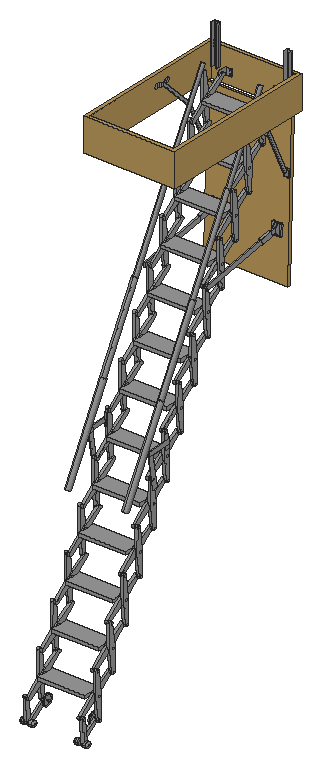
Revit family "schaartrap_Large-H 700x1200 mm", category Generic Models, Revit 2019 (continued)
Forms (mm)
  Extrusion 38, solid, material "gietaluminium" <- "schaartrap"
    sketch origin (-183, -691.803, -482.845) x (0, 1, 0) y (0, 0, 1)
      loop
        circle (1879.85, 2739.046) r 5.05
      loop
        circle (1730.144, 2811.072) r 5.05
      loop
        circle (1869.302, 2908.719) r 5.05
      loop
        circle (2008.461, 3006.365) r 5.05
      loop
        circle (1858.755, 3078.391) r 5.25
      loop
        circle (1997.913, 3176.038) r 5.05
      loop
        circle (2137.072, 3273.685) r 5.05
      loop
        circle (1987.366, 3345.71) r 5.05
      loop
        circle (2126.524, 3443.357) r 5.05
      loop
        circle (2265.683, 3541.004) r 5.05
      loop
        circle (2115.977, 3613.03) r 5.05
      loop
        circle (2255.135, 3710.677) r 5.05
      loop
        circle (2244.588, 3880.349) r 5.05
      loop
        circle (2383.746, 3977.996) r 5.05
      loop
        circle (2394.294, 3808.323) r 5.05
    from 406 to 411
  Extrusion 39, solid, material "gietaluminium" <- "schaartrap"
    sketch origin (-190, 1087.327, -29.39) x (0, 1, 0) y (0, 0, 1)
      loop
        arc (-952.335, 115.163) -> (-889.836, 135.606) -> (-930.932, 186.941) r 40
        arc (-930.932, 186.941) -> (-966.5, 158.467) -> (-952.335, 115.163) r 40
      loop
        arc (-949.488, 116.796) -> (-892.75, 136.334) -> (-929.173, 184.023) r 37
        arc (-929.173, 184.023) -> (-963.586, 157.739) -> (-949.488, 116.796) r 37
    from 359 to 370
  Extrusion 40, solid, material "gietaluminium" <- "schaartrap"
    sketch origin (0, 1087.327, -29.39) x (0, 1, 0) y (0, 0, 1)
      loop
        arc (-929.173, 184.023) -> (-963.586, 157.739) -> (-949.488, 116.796) r 37
        arc (-949.488, 116.796) -> (-892.75, 136.334) -> (-929.173, 184.023) r 37
    from 173 to 176.5
  Extrusion 41, solid, material "gietaluminium" <- "schaartrap"
    sketch origin (518, 1087.327, -29.39) x (0, 1, 0) y (0, 0, -1)
      loop
        circle (-928.168, -147.037) r 5
    from 359 to 335
  Extrusion 42, solid, material "gietaluminium" <- "schaartrap"
    sketch origin (0, 1193.91, 1113.18) x (0, 0.992015, 0.126122) y (0, -0.126122, 0.992015)
      loop
        line (811.965, 1490.549) -> (810.511, 1520.514) -> (144.506, 1488.184) -> (145.96, 1458.219) -> (811.965, 1490.549)
      loop
        circle (160.215, 1473.929) r 5.25
      loop
        circle (180.192, 1474.899) r 5.25
      loop
        circle (200.168, 1475.868) r 5.25
    from 223 to 238
  Extrusion 43, solid, material "gietaluminium" <- "schaartrap"
    sketch origin (0, 1368.627, 1185.548) x (0, 0.992015, 0.126122) y (0, -0.126122, 0.992015)
      loop
        line (572.416, 1435.52) -> (570.719, 1470.479) -> (480.825, 1466.115) -> (482.522, 1431.157) -> (572.416, 1435.52)
    from 220 to 241
  Extrusion 44, solid, material "gietaluminium" <- "schaartrap"
    sketch origin (0, 1230.524, 378.156) x (0, 0.990268, 0.139173) y (0, -0.139173, 0.990268)
      loop
        line (909.557, 2267.866) -> (879.657, 2238.071) -> (878.16, 2236.332)
        arc (878.16, 2236.332) -> (875.317, 2228.913) -> (876.662, 2221.083) r 15
        line (876.662, 2221.083) -> (894.568, 2182.859) -> (909.557, 2267.866)
      loop
        circle (890.245, 2227.446) r 4
    from 238 to 246
  Extrusion 45, solid, material "gietaluminium" <- "schaartrap"
    sketch origin (-23, 1242.198, 379.796) x (0, 0.990268, 0.139173) y (0, -0.139173, 0.990268)
      loop
        line (897.768, 2267.866) -> (867.868, 2238.071) -> (866.371, 2236.332)
        arc (866.371, 2236.332) -> (863.528, 2228.913) -> (864.873, 2221.083) r 15
        line (864.873, 2221.083) -> (882.779, 2182.859) -> (897.768, 2267.866)
      loop
        circle (878.456, 2227.446) r 4
    from 238 to 246
  Extrusion 46, solid, material "gietaluminium" <- "schaartrap"
    sketch origin (9.5, 1255.492, 449.812) x (0, -0.988483, -0.15133) y (0, -0.15133, 0.988483)
      loop
        line (-939.22, 2544.24) -> (-830.909, 2908.081) -> (-850.078, 2913.787) -> (-957.279, 2553.676) -> (-939.22, 2544.24)
    from -294 to -290
  Extrusion 47, solid, material "gietaluminium" <- "schaartrap"
    sketch origin (9.5, 1224.06, 447.856) x (0, -0.990268, -0.139173) y (0, -0.139173, 0.990268)
      loop
        line (-940.89, 2553.899) -> (-976.995, 2573.203) -> (-966.577, 2514.114) -> (-939.251, 2544.603)
        arc (-939.251, 2544.603) -> (-937.81, 2549.65) -> (-940.89, 2553.899) r 6
      loop
        circle (-951.597, 2547.218) r 4
    from -298 to -294
  Extrusion 48, solid, material "gietaluminium" <- "schaartrap"
    sketch origin (629, 1089.3, 0) x (0, 1, 0) y (0, 0, -1)
      loop
        circle (-1069.3, -20) r 20
    from 446 to 466
  Sweep 49, solid, material "gietaluminium" <- "schaartrap"
    path origin (163, 1089.3, 0) x (0, 1, 0) y (0, 0, -1)
      loop
        circle (-1069.3, -20) r 20
    profile origin (163, 20, 40) x (0, 0, 1) y (-1, 0, 0)
      loop
        line (-7.976, 0) -> (0, 0)
        arc (0, 0) -> (-2.238, 6.396) -> (-7.976, 10) r 10.257
        line (-7.976, 10) -> (-7.976, 0)
  Extrusion 50, solid, material "gietaluminium" <- "schaartrap"
    sketch origin (-223, 1089.3, 0) x (0, 1, 0) y (0, 0, 1)
      loop
        circle (-1069.3, 20) r 20
    from 446 to 466
  Sweep 51, solid, material "gietaluminium" <- "schaartrap"
    path origin (243, 1089.3, 0) x (0, 1, 0) y (0, 0, 1)
      loop
        circle (-1069.3, 20) r 20
    profile origin (243, 20, 40) x (0, 0, -1) y (1, 0, 0)
      loop
        line (7.976, 0) -> (7.976, 10)
        arc (7.976, 10) -> (2.238, 6.396) -> (0, 0) r 10.257
        line (0, 0) -> (7.976, 0)
  Extrusion 52, solid, material "gietaluminium" <- "schaartrap"
    sketch origin (0, -288.139, -482.845) x (0, 1, 0) y (0, 0, 1)
      loop
        circle (436.75, 770.164) r 21
      loop
        circle (565.361, 1037.483) r 21
      loop
        circle (693.972, 1304.803) r 21
      loop
        circle (822.583, 1572.122) r 21
      loop
        circle (951.194, 1839.441) r 21
      loop
        circle (1079.805, 2106.761) r 21
      loop
        circle (1208.416, 2374.08) r 21
      loop
        circle (1337.027, 2641.399) r 21
      loop
        circle (1465.638, 2908.719) r 21
      loop
        circle (1594.249, 3176.038) r 21
      loop
        circle (1722.86, 3443.357) r 21
      loop
        circle (1851.472, 3710.677) r 21
      loop
        circle (1980.083, 3977.996) r 21
    from 183 to 180
  Extrusion 53, void
    sketch origin (0, 576.676, 140.097) x (0, 1, 0) y (0, 0, 1)
      loop
        circle (1084.472, 3281.819) r 4
    from -342.5 to 318.5
  Extrusion 54, solid, material "gietaluminium" <- "schaartrap"
    sketch origin (-629, 1089.3, 0) x (0, 1, 0) y (0, 0, 1)
      loop
        circle (-1069.3, 20) r 20
    from 446 to 466
  Sweep 55, solid, material "gietaluminium" <- "schaartrap"
    path origin (-163, 1089.3, 0) x (0, 1, 0) y (0, 0, 1)
      loop
        circle (-1069.3, 20) r 20
    profile origin (-163, 20, 40) x (0, 0, -1) y (1, 0, 0)
      loop
        line (7.976, 0) -> (7.976, 10)
        arc (7.976, 10) -> (2.238, 6.396) -> (0, 0) r 10.257
        line (0, 0) -> (7.976, 0)
  Extrusion 56, solid, material "gietaluminium" <- "schaartrap"
    sketch origin (223, 1089.3, 0) x (0, 1, 0) y (0, 0, -1)
      loop
        circle (-1069.3, -20) r 20
    from 446 to 466
  Sweep 57, solid, material "gietaluminium" <- "schaartrap"
    path origin (-243, 1089.3, 0) x (0, 1, 0) y (0, 0, -1)
      loop
        circle (-1069.3, -20) r 20
    profile origin (-243, 20, 40) x (0, 0, 1) y (-1, 0, 0)
      loop
        line (-7.976, 0) -> (0, 0)
        arc (0, 0) -> (-2.238, 6.396) -> (-7.976, 10) r 10.257
        line (-7.976, 10) -> (-7.976, 0)
  Sweep 58, solid, material "hout" <- "deksel"
    path origin (0, 0, 3750) x (0, 1, 0) y (-1, 0, 0)
      loop
        line (1907.102, 342.5) -> (717.102, 342.5) -> (717.102, -342.5) -> (1907.102, -342.5) -> (1907.102, 342.5)
    profile origin (0, 1907.102, 3750) x (0, 1, 0) y (0, 0, 1)
      loop
        line (0, 0) -> (-24, 0) -> (-24, -250) -> (0, -250) -> (0, 0)
  Extrusion 59, solid, material "hout" <- "deksel"
    sketch origin (0, 1239.108, 383.122) x (0, 0.990268, 0.139173) y (0, -0.139173, 0.990268)
      loop
        line (1057.928, 2991.895) -> (1037.448, 2995.506) -> (838.447, 1866.916) -> (858.927, 1863.305) -> (1057.928, 2991.895)
    from -317.5 to 317.5
  Extrusion 60, solid, material "gietaluminium" <- "schaartrap"
    sketch origin (0, 1819.925, 2645.039) x (0, 0.034899, 0.999391) y (-1, 0, 0)
      loop
        arc (108.842, -205) -> (105.913, -197.929) -> (98.842, -195) r 10
        line (98.842, -195) -> (25.004, -195)
        arc (25.004, -195) -> (17.933, -197.929) -> (15.004, -205) r 10
        line (15.004, -205) -> (15.004, -256)
        arc (15.004, -256) -> (17.933, -263.071) -> (25.004, -266) r 10
        line (25.004, -266) -> (98.842, -266)
        arc (98.842, -266) -> (105.913, -263.071) -> (108.842, -256) r 10
        line (108.842, -256) -> (108.842, -205)
    from 0 to 8
  Extrusion 61, solid, material "gietaluminium" <- "schaartrap"
    sketch origin (0, 1819.925, 2645.039) x (0, 0.034899, 0.999391) y (-1, 0, 0)
      loop
        line (108.842, 205) -> (108.842, 256)
        arc (108.842, 256) -> (105.913, 263.071) -> (98.842, 266) r 10
        line (98.842, 266) -> (25.004, 266)
        arc (25.004, 266) -> (17.933, 263.071) -> (15.004, 256) r 10
        line (15.004, 256) -> (15.004, 205)
        arc (15.004, 205) -> (17.933, 197.929) -> (25.004, 195) r 10
        line (25.004, 195) -> (98.842, 195)
        arc (98.842, 195) -> (105.913, 197.929) -> (108.842, 205) r 10
    from 0 to 8
  Extrusion 62, solid, material "gietaluminium" <- "schaartrap"
    sketch origin (-9.5, 1833.707, 3039.721) x (0, 0.034899, 0.999391) y (-1, 0, 0)
      loop
        line (92.201, 263.5) -> (92.201, 298) -> (32.201, 298) -> (32.201, 263.5) -> (92.201, 263.5)
    from 0 to 3.5
  Extrusion 63, solid, material "gietaluminium" <- "schaartrap"
    sketch origin (9.5, 1833.707, 3039.721) x (0, 0.034899, 0.999391) y (-1, 0, 0)
      loop
        line (92.201, -263.5) -> (32.201, -263.5) -> (32.201, -298) -> (92.201, -298) -> (92.201, -263.5)
    from 0 to 3.5
  Extrusion 64, void
    sketch origin (0, 817.39, 440.965) x (0, 1, 0) y (0, 0, 1)
      loop
        circle (1047.17, 3434.035) r 5.25
      loop
        circle (1047.17, 3414.035) r 5.25
      loop
        circle (1047.17, 3394.035) r 5.25
      loop
        circle (1047.17, 3374.035) r 5.25
      loop
        circle (1047.17, 3354.035) r 5.25
      loop
        circle (1047.17, 3334.035) r 5.25
      loop
        circle (1047.17, 3314.035) r 5.25
      loop
        circle (1047.17, 3294.035) r 5.25
      loop
        circle (1047.17, 3274.035) r 5.25
      loop
        circle (1047.17, 3254.035) r 5.25
      loop
        circle (1047.17, 3234.035) r 5.25
      loop
        circle (1047.17, 3214.035) r 5.25
      loop
        circle (1047.17, 3194.035) r 5.25
      loop
        circle (1047.17, 3174.035) r 5.25
      loop
        arc (1040.712, 3159.035) -> (1034.35, 3161.67) -> (1031.715, 3168.033) r 8.998
        line (1031.715, 3168.033) -> (1026.715, 3168.033) -> (1026.715, 3153.033) -> (1040.712, 3153.033) -> (1040.712, 3159.035)
    from -292.5 to -252.5
  Extrusion 65, void
    sketch origin (0, 806.981, 347.797) x (0, 1, 0) y (0, 0, 1)
      loop
        line (1022.741, 3270.001) -> (994.712, 3270.001) -> (994.712, 3220.001) -> (1022.741, 3220.001)
        arc (1022.741, 3220.001) -> (997.741, 3245.001) -> (1022.741, 3270.001) r 25
    from -231.94 to 250
  Extrusion 66, solid, material "gietaluminium" <- "schaartrap"
    sketch origin (-16, 806.981, 497.797) x (-1, 0, 0) y (0, -1, 0)
      loop
        line (-174, -1074.122) -> (-174, -1070.122) -> (-219, -1070.122) -> (-219, -1000.712) -> (-223, -1000.712) -> (-223, -1074.122) -> (-174, -1074.122)
    from 3070.001 to 3120.001
  Extrusion 67, void
    sketch origin (0, 806.981, 497.797) x (-1, 0, 0) y (0, 0, -1)
      loop
        circle (-167.264, -3109) r 5
      loop
        circle (-167.264, -3080.25) r 5
    from -1076.122 to -1062.325
  Extrusion 68, solid, material "gietaluminium" <- "schaartrap"
    sketch origin (-4822.485, -1597.226, 549.999) x (1, 0, 0) y (0, 1, 0)
      loop
        line (4529.985, 3475.327) -> (4529.985, 3448.329) -> (4531.985, 3448.329) -> (4531.985, 3475.327)
        arc (4531.985, 3475.327) -> (4532.278, 3476.035) -> (4532.986, 3476.329) r 1.001
        line (4532.986, 3476.329) -> (4566.985, 3476.329)
        arc (4566.985, 3476.329) -> (4567.692, 3476.036) -> (4567.985, 3475.329) r 1
        line (4567.985, 3475.329) -> (4567.985, 3448.329) -> (4569.985, 3448.329) -> (4569.985, 3475.329)
        arc (4569.985, 3475.329) -> (4569.106, 3477.45) -> (4566.985, 3478.329) r 3
        line (4566.985, 3478.329) -> (4532.986, 3478.329)
        arc (4532.986, 3478.329) -> (4530.864, 3477.45) -> (4529.985, 3475.327) r 3.001
    from 3050.001 to 3350.001
  Extrusion 69, void
    sketch origin (0, 817.39, 440.965) x (0, 1, 0) y (0, 0, -1)
      loop
        circle (1047.17, -3434.035) r 5.25
      loop
        circle (1047.17, -3414.035) r 5.25
      loop
        circle (1047.17, -3394.035) r 5.25
      loop
        circle (1047.17, -3374.035) r 5.25
      loop
        circle (1047.17, -3354.035) r 5.25
      loop
        circle (1047.17, -3334.035) r 5.25
      loop
        circle (1047.17, -3314.035) r 5.25
      loop
        circle (1047.17, -3294.035) r 5.25
      loop
        circle (1047.17, -3274.035) r 5.25
      loop
        circle (1047.17, -3254.035) r 5.25
      loop
        circle (1047.17, -3234.035) r 5.25
      loop
        circle (1047.17, -3214.035) r 5.25
      loop
        circle (1047.17, -3194.035) r 5.25
      loop
        circle (1047.17, -3174.035) r 5.25
      loop
        line (1040.712, -3159.035) -> (1040.712, -3153.033) -> (1026.715, -3153.033) -> (1026.715, -3168.033) -> (1031.715, -3168.033)
        arc (1031.715, -3168.033) -> (1034.35, -3161.67) -> (1040.712, -3159.035) r 8.998
    from -292.5 to -252.5
  Extrusion 70, solid, material "gietaluminium" <- "schaartrap"
    sketch origin (4822.485, -1597.226, 549.999) x (-1, 0, 0) y (0, -1, 0)
      loop
        arc (4529.985, -3475.327) -> (4530.864, -3477.45) -> (4532.986, -3478.329) r 3.001
        line (4532.986, -3478.329) -> (4566.985, -3478.329)
        arc (4566.985, -3478.329) -> (4569.106, -3477.45) -> (4569.985, -3475.329) r 3
        line (4569.985, -3475.329) -> (4569.985, -3448.329) -> (4567.985, -3448.329) -> (4567.985, -3475.329)
        arc (4567.985, -3475.329) -> (4567.692, -3476.036) -> (4566.985, -3476.329) r 1
        line (4566.985, -3476.329) -> (4532.986, -3476.329)
        arc (4532.986, -3476.329) -> (4532.278, -3476.035) -> (4531.985, -3475.327) r 1.001
        line (4531.985, -3475.327) -> (4531.985, -3448.329) -> (4529.985, -3448.329) -> (4529.985, -3475.327)
    from 3050.001 to 3350.001
  Extrusion 71, solid, material "gietaluminium" <- "schaartrap"
    sketch origin (16, 806.981, 497.797) x (1, 0, 0) y (0, 1, 0)
      loop
        line (-174, 1074.122) -> (-223, 1074.122) -> (-223, 1000.712) -> (-219, 1000.712) -> (-219, 1070.122) -> (-174, 1070.122) -> (-174, 1074.122)
    from 3070.001 to 3120.001
  Extrusion 72, void
    sketch origin (0, 806.981, 497.797) x (1, 0, 0) y (0, 0, 1)
      loop
        circle (-167.264, 3109) r 5
      loop
        circle (-167.264, 3080.25) r 5
    from -1076.122 to -1062.325
  Extrusion 73, solid, material "gietaluminium" <- "schaartrap"
    sketch origin (0, -314.88, 522.797) x (1, 0, 0) y (0, 1, 0)
      loop
        line (-318.5, 1781.233) -> (-318.5, 1757.57) -> (-302.5, 1746.367) -> (-302.5, 1717.598) -> (-318.5, 1706.395) -> (-318.5, 1682.733) -> (-315.5, 1682.733) -> (-315.5, 1704.833) -> (-299.5, 1716.037) -> (-299.5, 1747.929) -> (-315.5, 1759.132) -> (-315.5, 1781.233) -> (-318.5, 1781.233)
    from 3135.001 to 3165.001
  Extrusion 74, void
    sketch origin (0, 818.39, 522.797) x (0, 1, 0) y (0, 0, 1)
      loop
        circle (557.712, 3150.001) r 3.25
      loop
        circle (639.712, 3150.001) r 3.25
    from -342.5 to 342.5
  Extrusion 75, solid, material "gietaluminium" <- "schaartrap"
    sketch origin (0, -314.88, 522.797) x (0, 1, 0) y (0, 0, 1)
      loop
        line (1781.233, 3165.001) -> (1781.233, 3135.001)
        arc (1781.233, 3135.001) -> (1796.233, 3150.001) -> (1781.233, 3165.001) r 15
      loop
        arc (1682.733, 3165.001) -> (1667.733, 3150.001) -> (1682.733, 3135.001) r 15
        line (1682.733, 3135.001) -> (1682.733, 3165.001)
    from -318.5 to -315.5
  Extrusion 76, void
    sketch origin (0, 818.39, 522.797) x (0, 1, 0) y (0, 0, 1)
      loop
        circle (598.712, 3150.001) r 3.25
      loop
        circle (827.403, 2944.023) r 4
    from -317.5 to 318.5
  Extrusion 77, solid, material "gietaluminium" <- "schaartrap"
    sketch origin (0, 795.572, 522.797) x (-1, 0, 0) y (0, -1, 0)
      loop
        line (-318.5, -670.781) -> (-315.5, -670.781) -> (-315.5, -648.68) -> (-299.5, -637.477) -> (-299.5, -605.584) -> (-315.5, -594.381) -> (-315.5, -572.281) -> (-318.5, -572.281) -> (-318.5, -595.943) -> (-302.5, -607.146) -> (-302.5, -635.915) -> (-318.5, -647.118) -> (-318.5, -670.781)
    from 3135.001 to 3165.001
  Extrusion 78, solid, material "gietaluminium" <- "schaartrap"
    sketch origin (0, 795.572, 522.797) x (0, -1, 0) y (0, 0, 1)
      loop
        arc (-670.781, 3165.001) -> (-685.781, 3150.001) -> (-670.781, 3135.001) r 15
        line (-670.781, 3135.001) -> (-670.781, 3165.001)
      loop
        line (-572.281, 3165.001) -> (-572.281, 3135.001)
        arc (-572.281, 3135.001) -> (-557.281, 3150.001) -> (-572.281, 3165.001) r 15
    from -318.5 to -315.5
  Extrusion 79, solid, material "gietaluminium" <- "schaartrap"
    sketch origin (9.5, 233.785, 540.954) x (0, -0.983472, 0.181059) y (0, 0.181059, 0.983472)
      loop
        line (-602.244, 3302.667) -> (-891.194, 3097.626)
        arc (-891.194, 3097.626) -> (-889.755, 3086.356) -> (-879.548, 3081.366) r 11.968
        line (-879.548, 3081.366) -> (-590.67, 3286.357)
        arc (-590.67, 3286.357) -> (-588.302, 3300.299) -> (-602.244, 3302.667) r 10
    from -290 to -286
  Extrusion 80, solid, material "gietaluminium" <- "schaartrap"
    sketch origin (-9.5, 233.785, 540.954) x (0, -0.983472, 0.181059) y (0, -0.181059, -0.983472)
      loop
        arc (-602.244, -3302.667) -> (-588.302, -3300.299) -> (-590.67, -3286.357) r 10
        line (-590.67, -3286.357) -> (-879.548, -3081.366)
        arc (-879.548, -3081.366) -> (-889.755, -3086.356) -> (-891.194, -3097.626) r 11.968
        line (-891.194, -3097.626) -> (-602.244, -3302.667)
    from -290 to -286
  Extrusion 81, solid, material "gietaluminium" <- "schaartrap"
    sketch origin (0, 177.212, 175.349) x (0, 0.992825, -0.119574) y (0, 0.119574, 0.992825)
      loop
        line (280.038, 1590.328) -> (244.48, 1604.57) -> (233.326, 1576.721) -> (269.458, 1562.249)
        arc (269.458, 1562.249) -> (279.429, 1574.524) -> (280.038, 1590.328) r 25
    from 218 to 223
  Extrusion 82, solid, material "gietaluminium" <- "schaartrap"
    sketch origin (0, 265.982, 153.274) x (0, 0.998273, -0.058743) y (0, 0.058743, 0.998273)
      loop
        line (435.226, 1611.925) -> (260.054, 1590.65)
        arc (260.054, 1590.65) -> (257.872, 1575.275) -> (263.671, 1560.869) r 30
        line (263.671, 1560.869) -> (438.843, 1582.144)
        arc (438.843, 1582.144) -> (441.025, 1597.519) -> (435.226, 1611.925) r 30
    from 228 to 233
  Extrusion 83, solid, material "gietaluminium" <- "schaartrap"
    sketch origin (0, 265.982, 153.274) x (0, 0.998273, -0.058743) y (0, 0.058743, 0.998273)
      loop
        arc (417.587, 1545.835) -> (432.962, 1543.654) -> (447.368, 1549.452) r 30
        line (447.368, 1549.452) -> (435.678, 1645.707)
        arc (435.678, 1645.707) -> (420.302, 1647.888) -> (405.896, 1642.09) r 30
        line (405.896, 1642.09) -> (417.587, 1545.835)
    from 223 to 228
  Extrusion 84, solid, material "gietaluminium" <- "schaartrap"
    sketch origin (0, 228.017, 162.655) x (0, 0.99654, -0.083115) y (0, 0.083115, 0.99654)
      loop
        line (257, 1578.327) -> (319.569, 1325.967)
        arc (319.569, 1325.967) -> (335.331, 1324.724) -> (348.687, 1333.187) r 25
        line (348.687, 1333.187) -> (286.119, 1585.546)
        arc (286.119, 1585.546) -> (270.356, 1586.789) -> (257, 1578.327) r 25
    from 228 to 223
  Extrusion 85, solid, material "gietaluminium" <- "schaartrap", not visible
    sketch origin (0, 186.902, 668.134) x (0, 0.997796, -0.066361) y (0, 0.066361, 0.997796)
      loop
        line (280.038, 1590.328) -> (244.48, 1604.57) -> (233.326, 1576.721) -> (269.458, 1562.249)
        arc (269.458, 1562.249) -> (279.429, 1574.524) -> (280.038, 1590.328) r 25
    from 218 to 223
  Extrusion 86, solid, material "gietaluminium" <- "schaartrap", not visible
    sketch origin (0, 276.725, 650.833) x (0, 0.999986, -0.005325) y (0, 0.005325, 0.999986)
      loop
        line (435.226, 1611.925) -> (260.054, 1590.65)
        arc (260.054, 1590.65) -> (257.872, 1575.275) -> (263.671, 1560.869) r 30
        line (263.671, 1560.869) -> (438.843, 1582.144)
        arc (438.843, 1582.144) -> (441.025, 1597.519) -> (435.226, 1611.925) r 30
    from 228 to 233
  Extrusion 87, solid, material "gietaluminium" <- "schaartrap", not visible
    sketch origin (0, 276.725, 650.833) x (0, 0.999986, -0.005325) y (0, 0.005325, 0.999986)
      loop
        arc (417.587, 1545.835) -> (432.962, 1543.654) -> (447.368, 1549.452) r 30
        line (447.368, 1549.452) -> (435.678, 1645.707)
        arc (435.678, 1645.707) -> (420.302, 1647.888) -> (405.896, 1642.09) r 30
        line (405.896, 1642.09) -> (417.587, 1545.835)
    from 223 to 228
  Extrusion 88, solid, material "gietaluminium" <- "schaartrap", not visible
    sketch origin (0, 238.314, 658.172) x (0, 0.999557, -0.029756) y (0, 0.029756, 0.999557)
      loop
        line (257, 1578.327) -> (319.569, 1325.967)
        arc (319.569, 1325.967) -> (335.331, 1324.724) -> (348.687, 1333.187) r 25
        line (348.687, 1333.187) -> (286.119, 1585.546)
        arc (286.119, 1585.546) -> (270.356, 1586.789) -> (257, 1578.327) r 25
    from 228 to 223
  Sweep 89, solid, material "gietaluminium" <- "schaartrap"
    path origin (-216.86, -105.751, 58.284) x (0, -0.992825, -0.119574) y (0, -0.119574, 0.992825)
      loop
        line (-672.047, 1279.846) -> (-1075.095, 1843.585)
    profile origin (-216.86, 574.813, 1713.251) x (0, 0.877184, -0.480155) y (-1, 0, 0)
      loop
        circle (0, 0) r 20
  Sweep 90, solid, material "gietaluminium" <- "schaartrap"
    path origin (-216.86, -389.522, 576.7) x (0, -0.992825, -0.119574) y (0, -0.119574, 0.992825)
      loop
        line (-1294.842, 1294.957) -> (-1658.11, 1803.058)
    profile origin (-216.86, 891.14, 2291.141) x (0, 0.877184, -0.480155) y (-1, 0, 0)
      loop
        circle (0, 0) r 17.5
  Sweep 91, solid, material "gietaluminium" <- "schaartrap"
    path origin (-216.86, -632.065, 1019.795) x (0, -0.992825, -0.119574) y (0, -0.119574, 0.992825)
      loop
        line (-1845.93, 1334.14) -> (-2244.592, 1891.745)
    profile origin (-216.86, 1205.656, 2865.725) x (0, 0.877184, -0.480155) y (-1, 0, 0)
      loop
        circle (0, 0) r 15
  Sweep 92, solid, material "gietaluminium" <- "schaartrap"
    path origin (-216.86, -873.617, 1461.082) x (0, -0.992825, -0.119574) y (0, -0.119574, 0.992825)
      loop
        line (-2431.645, 1424.74) -> (-2803.868, 1945.365)
    profile origin (-216.86, 1523.869, 3447.061) x (0, 0.877184, -0.480155) y (-1, 0, 0)
      loop
        circle (0, 0) r 12.5
  Extrusion 93, solid, material "gietaluminium" <- "schaartrap"
    sketch origin (0, -177.212, 175.349) x (0, -0.992825, -0.119574) y (0, -0.119574, 0.992825)
      loop
        arc (-1001.505, 1435.981) -> (-997.161, 1420.774) -> (-984.561, 1411.217) r 25
        line (-984.561, 1411.217) -> (-952.898, 1433.854) -> (-970.346, 1458.259) -> (-1001.505, 1435.981)
    from 218 to 223
  Extrusion 94, solid, material "gietaluminium" <- "schaartrap"
    sketch origin (0, -265.982, 153.274) x (0, -0.998273, -0.058743) y (0, -0.058743, 0.998273)
      loop
        arc (-1152.318, 1518.507) -> (-1156.387, 1503.521) -> (-1152.418, 1488.507) r 30
        line (-1152.418, 1488.507) -> (-975.959, 1487.924)
        arc (-975.959, 1487.924) -> (-971.89, 1502.91) -> (-975.859, 1517.924) r 30
        line (-975.859, 1517.924) -> (-1152.318, 1518.507)
    from 228 to 233
  Extrusion 95, solid, material "gietaluminium" <- "schaartrap"
    sketch origin (0, -265.982, 153.274) x (0, -0.998273, -0.058743) y (0, -0.058743, 0.998273)
      loop
        line (-1127.049, 1454.943) -> (-1126.729, 1551.904)
        arc (-1126.729, 1551.904) -> (-1141.715, 1555.972) -> (-1156.728, 1552.003) r 30
        line (-1156.728, 1552.003) -> (-1157.049, 1455.042)
        arc (-1157.049, 1455.042) -> (-1142.062, 1450.973) -> (-1127.049, 1454.943) r 30
    from 223 to 228
  Extrusion 96, solid, material "gietaluminium" <- "schaartrap"
    sketch origin (0, -228.017, 162.655) x (0, -0.99654, -0.083115) y (0, -0.083115, 0.99654)
      loop
        arc (-969.364, 1476.043) -> (-983.937, 1482.177) -> (-999.276, 1478.339) r 25
        line (-999.276, 1478.339) -> (-1019.175, 1219.102)
        arc (-1019.175, 1219.102) -> (-1004.602, 1212.969) -> (-989.263, 1216.806) r 25
        line (-989.263, 1216.806) -> (-969.364, 1476.043)
    from 228 to 223
  Extrusion 97, void
    sketch origin (0, 818.39, 522.797) x (0, 1, 0) y (0, 0, 1)
      loop
        line (-154.82, 961.109) -> (-151.638, 941.364)
        arc (-151.638, 941.364) -> (-147.052, 938.052) -> (-143.74, 942.637) r 4
        line (-143.74, 942.637) -> (-146.922, 962.382)
        arc (-146.922, 962.382) -> (-151.508, 965.695) -> (-154.82, 961.109) r 4
      loop
        circle (-187.474, 1188.815) r 4
      loop
        circle (-35.1, 1235.859) r 4
      loop
        circle (-30.446, 1161.004) r 4
      loop
        circle (1012.324, 3069.612) r 5.05
    from -318.5 to 318.5
Cuts and joins
  joined: Extrusion 26, Extrusion 27
  Extrusion 64 cuts Extrusion 68
  Extrusion 65, Extrusion 67, Extrusion 72, Extrusion 97 cuts Extrusion 66
  Extrusion 67, Extrusion 72, Extrusion 74, Extrusion 76, Extrusion 97 cuts Sweep 58
  Extrusion 69 cuts Extrusion 70
  Extrusion 65, Extrusion 72, Extrusion 97 cuts Extrusion 71
  Extrusion 74, Extrusion 97 cuts Extrusion 73
  Extrusion 74, Extrusion 97 cuts Extrusion 77
  Extrusion 53, Extrusion 76 cuts Extrusion 79
  Extrusion 53, Extrusion 76 cuts Extrusion 80
  Extrusion 53 cuts Extrusion 30
  Extrusion 53 cuts Extrusion 46
  Extrusion 97 cuts Extrusion 82
  Extrusion 97 cuts Extrusion 83
  Extrusion 97 cuts Extrusion 84
  Extrusion 97 cuts Extrusion 95
  Extrusion 97 cuts Extrusion 94
  Extrusion 97 cuts Extrusion 96
  Extrusion 97 cuts Extrusion 81
  Extrusion 97 cuts Extrusion 93
  Extrusion 97 cuts Extrusion 36
  Extrusion 97 cuts Extrusion 8
Lines and regions (mm)
  symbolic lines, visible <- "bovenliggende treden"
    curve 1: line (0, 613.772, 0) -> (0, 81.45, 0)
  model lines, style "schaartrap stippel"
    curve 2: line (342.5, 717.102, 0) -> (-342.5, 717.102, 0)
    curve 3: line (342.5, 1907.102, 0) -> (342.5, 717.102, 0)
    curve 4: line (-342.5, 1907.102, 0) -> (342.5, 1907.102, 0)
    curve 5: line (-342.5, 717.102, 0) -> (-342.5, 1907.102, 0)
  model lines, style "schaartrap stippel", visible <- "bovenliggende treden"
    curve 6: line (-176.5, 851.761, 0) -> (176.5, 851.761, 0)
    curve 7: line (-176.5, 723.149, 0) -> (176.5, 723.149, 0)
    curve 8: line (-176.5, 613.772, 0) -> (-176.5, 1907.102, 0)
    curve 9: line (176.5, 613.772, 0) -> (176.5, 1907.102, 0)
    curve 10: line (0, 613.772, 0) -> (0, 1862.102, 0)
    curve 11: line (0, 1907.102, 0) -> (25.981, 1862.102, 0)
    curve 12: line (25.981, 1862.102, 0) -> (0, 1862.102, 0)
    curve 13: line (0, 1907.102, 0) -> (-25.981, 1862.102, 0)
    curve 14: line (-25.981, 1862.102, 0) -> (0, 1862.102, 0)
    curve 20: line (-176.5, 980.372, 0) -> (176.5, 980.372, 0)
    curve 21: line (-176.5, 1108.983, 0) -> (176.5, 1108.983, 0)
    curve 22: line (-176.5, 1237.594, 0) -> (176.5, 1237.594, 0)
    curve 23: line (-176.5, 1366.205, 0) -> (176.5, 1366.205, 0)
    curve 24: line (-176.5, 1494.816, 0) -> (176.5, 1494.816, 0)
    curve 25: line (-176.5, 1623.427, 0) -> (176.5, 1623.427, 0)
  model lines
    curve 15: line (0, 79.344, 308.926) -> (0, 1857.691, 4144.452)
    curve 16: line (0, 1907.315, 4251.481) -> (34.056, 1857.691, 4144.452)
    curve 17: line (34.056, 1857.691, 4144.452) -> (0, 1857.691, 4144.452)
    curve 18: line (-34.056, 1857.691, 4144.452) -> (0, 1857.691, 4144.452)
    curve 19: line (0, 1907.315, 4251.481) -> (-34.056, 1857.691, 4144.452)
Dimensions and locks
  equal spacing: plane 4, plane 3 "Center (Left/Right)", plane 5
  locked: plane 4 to plane 5 at 366
  plane 5 to plane 8 to plane 9 = 20 mm locked, 20 mm locked
  plane 7 to plane 6 to plane 4 = 20 mm locked, 20 mm locked
  plane 5 to plane 10 = 6.5 mm
  equal spacing: plane 13, plane 3 "Center (Left/Right)", plane 12
  locked: plane 13 to plane 12 at 685
  plane 4 to plane 14 = 6.5 mm
  locked: plane 12 to plane 15 at 25
  locked: plane 13 to plane 16 at 25
  plane 17 to plane 4 = 4 mm
  plane 13 to plane 12 = 685 mm
  locked: plane 19 "bk. omtimmering" to plane 20 at 250
  locked: plane 20 to level at 3500
  locked: plane 19 "bk. omtimmering" to Sweep 58 sketch curve at 250
  aligned and locked: level to plane 2
  aligned and locked: plane 14 to Extrusion 4
  aligned and locked: plane 10 to Extrusion 4
  aligned and locked: Extrusion 10 to Extrusion 9
  aligned and locked: Extrusion 37 to Extrusion 38
Automatic sketch dimensions
  Extrusion 5 sketch curve to Extrusion 5 sketch curve = 0 mm  (x12)
  Extrusion 5 sketch curve to Extrusion 5 sketch curve = 1.005 mm
  Extrusion 5 sketch curve to Extrusion 5 sketch curve = 1.759 mm
  Extrusion 5 sketch curve to Extrusion 5 sketch curve = 21.32 mm
  Extrusion 5 sketch curve to Extrusion 5 sketch curve = 2.848 mm
  Extrusion 5 sketch curve to Extrusion 5 sketch curve = 30.24 mm
  Extrusion 5 sketch curve to Extrusion 5 sketch curve = 1.633 mm
  Extrusion 6 sketch curve to Extrusion 6 sketch curve = 0 mm  (x2)
  Extrusion 6 sketch curve to Extrusion 6 sketch curve = 1.005 mm
  Extrusion 6 sketch curve to Extrusion 6 sketch curve = 21.32 mm
  Extrusion 6 sketch curve to Extrusion 6 sketch curve = 30.24 mm
  Extrusion 11 sketch curve to Extrusion 11 sketch curve = 0 mm  (x12)
  Extrusion 11 sketch curve to Extrusion 11 sketch curve = 1.005 mm
  Extrusion 11 sketch curve to Extrusion 11 sketch curve = 1.759 mm
  Extrusion 11 sketch curve to Extrusion 11 sketch curve = 21.32 mm
  Extrusion 11 sketch curve to Extrusion 11 sketch curve = 2.848 mm
  Extrusion 11 sketch curve to Extrusion 11 sketch curve = 30.24 mm
  Extrusion 11 sketch curve to Extrusion 11 sketch curve = 1.633 mm
  Extrusion 12 sketch curve to Extrusion 12 sketch curve = 0 mm  (x2)
  Extrusion 12 sketch curve to Extrusion 12 sketch curve = 1.005 mm
  Extrusion 12 sketch curve to Extrusion 12 sketch curve = 21.32 mm
  Extrusion 12 sketch curve to Extrusion 12 sketch curve = 30.24 mm
  Extrusion 13 sketch curve to Extrusion 13 sketch curve = 0 mm  (x2)
  Extrusion 13 sketch curve to Extrusion 13 sketch curve = 5 mm
  Extrusion 26 sketch curve to Extrusion 26 sketch curve = 30 mm  (x2)
  Extrusion 26 sketch curve to Extrusion 26 sketch curve = 666.789 mm
  Extrusion 27 sketch curve to Extrusion 27 sketch curve = 35 mm  (x2)
  Extrusion 27 sketch curve to Extrusion 27 sketch curve = 90 mm
  Extrusion 28 sketch curve to Extrusion 28 sketch curve = 86.318 mm
  Extrusion 28 sketch curve to Extrusion 28 sketch curve = 44.796 mm
  Extrusion 28 sketch curve to Extrusion 28 sketch curve = 15 mm  (x3)
  Extrusion 28 sketch curve to Extrusion 28 sketch curve = 2.295 mm  (x2)
  Extrusion 28 sketch curve to Extrusion 28 sketch curve = 42.21 mm  (x2)
  Extrusion 29 sketch curve to Extrusion 29 sketch curve = 86.318 mm
  Extrusion 29 sketch curve to Extrusion 29 sketch curve = 44.796 mm
  Extrusion 29 sketch curve to Extrusion 29 sketch curve = 15 mm  (x3)
  Extrusion 29 sketch curve to Extrusion 29 sketch curve = 2.295 mm  (x2)
  Extrusion 29 sketch curve to Extrusion 29 sketch curve = 42.21 mm  (x2)
  Extrusion 39 sketch curve to Extrusion 39 sketch curve = 0 mm  (x12)
  Extrusion 39 sketch curve to Extrusion 39 sketch curve = 1.005 mm
  Extrusion 39 sketch curve to Extrusion 39 sketch curve = 1.759 mm
  Extrusion 39 sketch curve to Extrusion 39 sketch curve = 21.32 mm
  Extrusion 39 sketch curve to Extrusion 39 sketch curve = 2.848 mm
  Extrusion 39 sketch curve to Extrusion 39 sketch curve = 30.24 mm
  Extrusion 39 sketch curve to Extrusion 39 sketch curve = 1.633 mm
  Extrusion 40 sketch curve to Extrusion 40 sketch curve = 0 mm  (x2)
  Extrusion 40 sketch curve to Extrusion 40 sketch curve = 1.005 mm
  Extrusion 40 sketch curve to Extrusion 40 sketch curve = 21.32 mm
  Extrusion 40 sketch curve to Extrusion 40 sketch curve = 30.24 mm
  Extrusion 41 sketch curve to Extrusion 41 sketch curve = 0 mm  (x2)
  Extrusion 41 sketch curve to Extrusion 41 sketch curve = 5 mm
  Extrusion 36 sketch curve to Extrusion 36 sketch curve = 0 mm  (x91)
  Extrusion 36 sketch curve to Extrusion 36 sketch curve = 128.611 mm  (x37)
  Extrusion 36 sketch curve to Extrusion 36 sketch curve = 612.226 mm
  Extrusion 36 sketch curve to Extrusion 36 sketch curve = 1.767 mm
  Extrusion 36 sketch curve to Extrusion 36 sketch curve = 9.746 mm
  Extrusion 36 sketch curve to Extrusion 36 sketch curve = 7.816 mm
  Extrusion 36 sketch curve to Extrusion 36 sketch curve = 150.67 mm
  Extrusion 36 sketch curve to Extrusion 36 sketch curve = 7.732 mm
  Extrusion 36 sketch curve to Extrusion 36 sketch curve = 149.706 mm  (x12)
  Extrusion 36 sketch curve to Extrusion 36 sketch curve = 732.141 mm
  Extrusion 36 sketch curve to Extrusion 36 sketch curve = 267.319 mm  (x36)
  Extrusion 36 sketch curve to Extrusion 36 sketch curve = 524.067 mm
  Extrusion 36 sketch curve to Extrusion 36 sketch curve = 12.862 mm
  Extrusion 36 sketch curve to Extrusion 36 sketch curve = 89.743 mm
  Extrusion 36 sketch curve to Extrusion 36 sketch curve = 7.827 mm
  Extrusion 36 sketch curve to Extrusion 36 sketch curve = 157.45 mm
  Extrusion 36 sketch curve to Extrusion 36 sketch curve = 266.643 mm
  Extrusion 36 sketch curve to Extrusion 36 sketch curve = 72.026 mm  (x12)
  Extrusion 36 sketch curve to Extrusion 36 sketch curve = 366.503 mm
  Extrusion 36 sketch curve to Extrusion 36 sketch curve = 7.426 mm  (x13)
  Extrusion 36 sketch curve to Extrusion 36 sketch curve = 9.62 mm
  Extrusion 36 sketch curve to Extrusion 36 sketch curve = 1.355 mm  (x13)
  Extrusion 36 sketch curve to Extrusion 36 sketch curve = 6.133 mm
  Extrusion 36 sketch curve to Extrusion 36 sketch curve = 0.025 mm
  Extrusion 36 sketch curve to Extrusion 36 sketch curve = 3.551 mm  (x12)
  Extrusion 36 sketch curve to Extrusion 36 sketch curve = 0.038 mm
  Extrusion 37 sketch curve to Extrusion 37 sketch curve = 128.611 mm  (x36)
  Extrusion 37 sketch curve to Extrusion 37 sketch curve = 898.257 mm
  Extrusion 37 sketch curve to Extrusion 37 sketch curve = 10.979 mm
  Extrusion 37 sketch curve to Extrusion 37 sketch curve = 10.803 mm
  Extrusion 37 sketch curve to Extrusion 37 sketch curve = 10.935 mm
  Extrusion 37 sketch curve to Extrusion 37 sketch curve = 14.386 mm
  Extrusion 37 sketch curve to Extrusion 37 sketch curve = 117.677 mm
  Extrusion 37 sketch curve to Extrusion 37 sketch curve = 124.517 mm
  Extrusion 37 sketch curve to Extrusion 37 sketch curve = 149.706 mm  (x12)
  Extrusion 37 sketch curve to Extrusion 37 sketch curve = 909.235 mm
  Extrusion 37 sketch curve to Extrusion 37 sketch curve = 4.776 mm
  Extrusion 37 sketch curve to Extrusion 37 sketch curve = 92.827 mm
  Extrusion 37 sketch curve to Extrusion 37 sketch curve = 164.17 mm
  Extrusion 37 sketch curve to Extrusion 37 sketch curve = 0.682 mm
  Extrusion 37 sketch curve to Extrusion 37 sketch curve = 17.167 mm
  Extrusion 37 sketch curve to Extrusion 37 sketch curve = 250.834 mm
  Extrusion 37 sketch curve to Extrusion 37 sketch curve = 267.269 mm  (x37)
  Extrusion 37 sketch curve to Extrusion 37 sketch curve = 72.076 mm  (x12)
  Extrusion 37 sketch curve to Extrusion 37 sketch curve = 15.246 mm
  Extrusion 37 sketch curve to Extrusion 37 sketch curve = 0.099 mm
  Extrusion 37 sketch curve to Extrusion 37 sketch curve = 10.975 mm  (x13)
  Extrusion 37 sketch curve to Extrusion 37 sketch curve = 0 mm  (x39)
  Extrusion 37 sketch curve to Extrusion 37 sketch curve = 0.004 mm
  Extrusion 38 sketch curve to Extrusion 38 sketch curve = 128.611 mm  (x12)
  Extrusion 38 sketch curve to Extrusion 38 sketch curve = 139.159 mm  (x5)
  Extrusion 38 sketch curve to Extrusion 38 sketch curve = 149.706 mm  (x13)
  Extrusion 38 sketch curve to Extrusion 38 sketch curve = 10.547 mm  (x8)
  Extrusion 38 sketch curve to Extrusion 38 sketch curve = 72.026 mm  (x13)
  Extrusion 38 sketch curve to Extrusion 38 sketch curve = 169.672 mm  (x10)
  Extrusion 38 sketch curve to Extrusion 38 sketch curve = 97.647 mm  (x15)
  Extrusion 38 sketch curve to Extrusion 38 sketch curve = 5 mm
  Extrusion 52 sketch curve to Extrusion 52 sketch curve = 128.611 mm  (x12)
  Extrusion 52 sketch curve to Extrusion 52 sketch curve = 267.319 mm  (x12)
  Extrusion 1 sketch curve to Extrusion 1 sketch curve = 0 mm  (x91)
  Extrusion 1 sketch curve to Extrusion 1 sketch curve = 128.611 mm  (x37)
  Extrusion 1 sketch curve to Extrusion 1 sketch curve = 612.226 mm
  Extrusion 1 sketch curve to Extrusion 1 sketch curve = 1.767 mm
  Extrusion 1 sketch curve to Extrusion 1 sketch curve = 9.746 mm
  Extrusion 1 sketch curve to Extrusion 1 sketch curve = 7.816 mm
  Extrusion 1 sketch curve to Extrusion 1 sketch curve = 150.67 mm
  Extrusion 1 sketch curve to Extrusion 1 sketch curve = 7.732 mm
  Extrusion 1 sketch curve to Extrusion 1 sketch curve = 149.706 mm  (x12)
  Extrusion 1 sketch curve to Extrusion 1 sketch curve = 732.141 mm
  Extrusion 1 sketch curve to Extrusion 1 sketch curve = 267.319 mm  (x36)
  Extrusion 1 sketch curve to Extrusion 1 sketch curve = 524.067 mm
  Extrusion 1 sketch curve to Extrusion 1 sketch curve = 12.862 mm
  Extrusion 1 sketch curve to Extrusion 1 sketch curve = 89.743 mm
  Extrusion 1 sketch curve to Extrusion 1 sketch curve = 7.827 mm
  Extrusion 1 sketch curve to Extrusion 1 sketch curve = 157.45 mm
  Extrusion 1 sketch curve to Extrusion 1 sketch curve = 266.643 mm
  Extrusion 1 sketch curve to Extrusion 1 sketch curve = 72.026 mm  (x12)
  Extrusion 1 sketch curve to Extrusion 1 sketch curve = 366.503 mm
  Extrusion 1 sketch curve to Extrusion 1 sketch curve = 7.426 mm  (x13)
  Extrusion 1 sketch curve to Extrusion 1 sketch curve = 9.62 mm
  Extrusion 1 sketch curve to Extrusion 1 sketch curve = 1.355 mm  (x13)
  Extrusion 1 sketch curve to Extrusion 1 sketch curve = 6.133 mm
  Extrusion 1 sketch curve to Extrusion 1 sketch curve = 0.025 mm
  Extrusion 1 sketch curve to Extrusion 1 sketch curve = 3.551 mm  (x12)
  Extrusion 1 sketch curve to Extrusion 1 sketch curve = 0.038 mm
  Extrusion 2 sketch curve to Extrusion 2 sketch curve = 128.611 mm  (x36)
  Extrusion 2 sketch curve to Extrusion 2 sketch curve = 898.257 mm
  Extrusion 2 sketch curve to Extrusion 2 sketch curve = 10.979 mm
  Extrusion 2 sketch curve to Extrusion 2 sketch curve = 10.803 mm
  Extrusion 2 sketch curve to Extrusion 2 sketch curve = 10.935 mm
  Extrusion 2 sketch curve to Extrusion 2 sketch curve = 14.386 mm
  Extrusion 2 sketch curve to Extrusion 2 sketch curve = 117.677 mm
  Extrusion 2 sketch curve to Extrusion 2 sketch curve = 124.517 mm
  Extrusion 2 sketch curve to Extrusion 2 sketch curve = 149.706 mm  (x12)
  Extrusion 2 sketch curve to Extrusion 2 sketch curve = 909.235 mm
  Extrusion 2 sketch curve to Extrusion 2 sketch curve = 4.776 mm
  Extrusion 2 sketch curve to Extrusion 2 sketch curve = 92.827 mm
  Extrusion 2 sketch curve to Extrusion 2 sketch curve = 164.17 mm
  Extrusion 2 sketch curve to Extrusion 2 sketch curve = 0.682 mm
  Extrusion 2 sketch curve to Extrusion 2 sketch curve = 17.167 mm
  Extrusion 2 sketch curve to Extrusion 2 sketch curve = 250.834 mm
  Extrusion 2 sketch curve to Extrusion 2 sketch curve = 267.269 mm  (x37)
  Extrusion 2 sketch curve to Extrusion 2 sketch curve = 72.076 mm  (x12)
  Extrusion 2 sketch curve to Extrusion 2 sketch curve = 15.246 mm
  Extrusion 2 sketch curve to Extrusion 2 sketch curve = 0.099 mm
  Extrusion 2 sketch curve to Extrusion 2 sketch curve = 10.975 mm  (x13)
  Extrusion 2 sketch curve to Extrusion 2 sketch curve = 0 mm  (x39)
  Extrusion 2 sketch curve to Extrusion 2 sketch curve = 0.004 mm
  Extrusion 3 sketch curve to Extrusion 3 sketch curve = 128.611 mm  (x12)
  Extrusion 3 sketch curve to Extrusion 3 sketch curve = 139.159 mm  (x5)
  Extrusion 3 sketch curve to Extrusion 3 sketch curve = 149.706 mm  (x13)
  Extrusion 3 sketch curve to Extrusion 3 sketch curve = 10.547 mm  (x8)
  Extrusion 3 sketch curve to Extrusion 3 sketch curve = 72.026 mm  (x13)
  Extrusion 3 sketch curve to Extrusion 3 sketch curve = 169.672 mm  (x10)
  Extrusion 3 sketch curve to Extrusion 3 sketch curve = 97.647 mm  (x15)
  Extrusion 3 sketch curve to Extrusion 3 sketch curve = 5 mm
  Extrusion 35 sketch curve to Extrusion 35 sketch curve = 128.611 mm  (x12)
  Extrusion 35 sketch curve to Extrusion 35 sketch curve = 267.319 mm  (x12)
  Extrusion 8 sketch curve to Extrusion 8 sketch curve = 0 mm  (x91)
  Extrusion 8 sketch curve to Extrusion 8 sketch curve = 128.611 mm  (x37)
  Extrusion 8 sketch curve to Extrusion 8 sketch curve = 612.226 mm
  Extrusion 8 sketch curve to Extrusion 8 sketch curve = 1.767 mm
  Extrusion 8 sketch curve to Extrusion 8 sketch curve = 9.746 mm
  Extrusion 8 sketch curve to Extrusion 8 sketch curve = 7.816 mm
  Extrusion 8 sketch curve to Extrusion 8 sketch curve = 150.67 mm
  Extrusion 8 sketch curve to Extrusion 8 sketch curve = 7.732 mm
  Extrusion 8 sketch curve to Extrusion 8 sketch curve = 149.706 mm  (x12)
  Extrusion 8 sketch curve to Extrusion 8 sketch curve = 732.141 mm
  Extrusion 8 sketch curve to Extrusion 8 sketch curve = 267.319 mm  (x36)
  Extrusion 8 sketch curve to Extrusion 8 sketch curve = 524.067 mm
  Extrusion 8 sketch curve to Extrusion 8 sketch curve = 12.862 mm
  Extrusion 8 sketch curve to Extrusion 8 sketch curve = 89.743 mm
  Extrusion 8 sketch curve to Extrusion 8 sketch curve = 7.827 mm
  Extrusion 8 sketch curve to Extrusion 8 sketch curve = 157.45 mm
  Extrusion 8 sketch curve to Extrusion 8 sketch curve = 266.643 mm
  Extrusion 8 sketch curve to Extrusion 8 sketch curve = 72.026 mm  (x12)
  Extrusion 8 sketch curve to Extrusion 8 sketch curve = 366.503 mm
  Extrusion 8 sketch curve to Extrusion 8 sketch curve = 7.426 mm  (x13)
  Extrusion 8 sketch curve to Extrusion 8 sketch curve = 9.62 mm
  Extrusion 8 sketch curve to Extrusion 8 sketch curve = 1.355 mm  (x13)
  Extrusion 8 sketch curve to Extrusion 8 sketch curve = 6.133 mm
  Extrusion 8 sketch curve to Extrusion 8 sketch curve = 0.025 mm
  Extrusion 8 sketch curve to Extrusion 8 sketch curve = 3.551 mm  (x12)
  Extrusion 8 sketch curve to Extrusion 8 sketch curve = 0.038 mm
  Extrusion 9 sketch curve to Extrusion 9 sketch curve = 128.611 mm  (x36)
  Extrusion 9 sketch curve to Extrusion 9 sketch curve = 898.257 mm
  Extrusion 9 sketch curve to Extrusion 9 sketch curve = 10.979 mm
  Extrusion 9 sketch curve to Extrusion 9 sketch curve = 10.803 mm
  Extrusion 9 sketch curve to Extrusion 9 sketch curve = 10.935 mm
  Extrusion 9 sketch curve to Extrusion 9 sketch curve = 14.386 mm
  Extrusion 9 sketch curve to Extrusion 9 sketch curve = 117.677 mm
  Extrusion 9 sketch curve to Extrusion 9 sketch curve = 124.517 mm
  Extrusion 9 sketch curve to Extrusion 9 sketch curve = 149.706 mm  (x12)
  Extrusion 9 sketch curve to Extrusion 9 sketch curve = 909.235 mm
  Extrusion 9 sketch curve to Extrusion 9 sketch curve = 4.776 mm
  Extrusion 9 sketch curve to Extrusion 9 sketch curve = 92.827 mm
  Extrusion 9 sketch curve to Extrusion 9 sketch curve = 164.17 mm
  Extrusion 9 sketch curve to Extrusion 9 sketch curve = 0.682 mm
  Extrusion 9 sketch curve to Extrusion 9 sketch curve = 17.167 mm
  Extrusion 9 sketch curve to Extrusion 9 sketch curve = 250.834 mm
  Extrusion 9 sketch curve to Extrusion 9 sketch curve = 267.269 mm  (x37)
  Extrusion 9 sketch curve to Extrusion 9 sketch curve = 72.076 mm  (x12)
  Extrusion 9 sketch curve to Extrusion 9 sketch curve = 15.246 mm
  Extrusion 9 sketch curve to Extrusion 9 sketch curve = 0.099 mm
  Extrusion 9 sketch curve to Extrusion 9 sketch curve = 10.975 mm  (x13)
  Extrusion 9 sketch curve to Extrusion 9 sketch curve = 0 mm  (x39)
  Extrusion 9 sketch curve to Extrusion 9 sketch curve = 0.004 mm
  Extrusion 10 sketch curve to Extrusion 10 sketch curve = 128.611 mm  (x12)
  Extrusion 10 sketch curve to Extrusion 10 sketch curve = 139.159 mm  (x5)
  Extrusion 10 sketch curve to Extrusion 10 sketch curve = 149.706 mm  (x13)
  Extrusion 10 sketch curve to Extrusion 10 sketch curve = 10.547 mm  (x8)
  Extrusion 10 sketch curve to Extrusion 10 sketch curve = 72.026 mm  (x13)
  Extrusion 10 sketch curve to Extrusion 10 sketch curve = 169.672 mm  (x10)
  Extrusion 10 sketch curve to Extrusion 10 sketch curve = 97.647 mm  (x15)
  Extrusion 10 sketch curve to Extrusion 10 sketch curve = 5 mm
  Extrusion 34 sketch curve to Extrusion 34 sketch curve = 128.611 mm  (x12)
  Extrusion 34 sketch curve to Extrusion 34 sketch curve = 267.319 mm  (x12)
  Extrusion 44 sketch curve to Extrusion 44 sketch curve = 0 mm  (x2)
  Extrusion 44 sketch curve to Extrusion 44 sketch curve = 1.498 mm
  Extrusion 44 sketch curve to Extrusion 44 sketch curve = 1.497 mm
  Extrusion 44 sketch curve to Extrusion 44 sketch curve = 10.588 mm
  Extrusion 44 sketch curve to Extrusion 44 sketch curve = 17.907 mm
  Extrusion 44 sketch curve to Extrusion 44 sketch curve = 29.9 mm
  Extrusion 44 sketch curve to Extrusion 44 sketch curve = 38.224 mm
  Extrusion 44 sketch curve to Extrusion 44 sketch curve = 6.363 mm
  Extrusion 44 sketch curve to Extrusion 44 sketch curve = 1.74 mm
  Extrusion 44 sketch curve to Extrusion 44 sketch curve = 29.794 mm
  Extrusion 45 sketch curve to Extrusion 45 sketch curve = 0 mm  (x6)
  Extrusion 45 sketch curve to Extrusion 45 sketch curve = 1.498 mm
  Extrusion 45 sketch curve to Extrusion 45 sketch curve = 1.497 mm
  Extrusion 45 sketch curve to Extrusion 45 sketch curve = 12.085 mm
  Extrusion 45 sketch curve to Extrusion 45 sketch curve = 17.907 mm
  Extrusion 45 sketch curve to Extrusion 45 sketch curve = 29.9 mm
  Extrusion 45 sketch curve to Extrusion 45 sketch curve = 38.224 mm
  Extrusion 45 sketch curve to Extrusion 45 sketch curve = 6.363 mm
  Extrusion 45 sketch curve to Extrusion 45 sketch curve = 1.74 mm
  Extrusion 45 sketch curve to Extrusion 45 sketch curve = 29.794 mm
  Extrusion 45 sketch curve to Extrusion 45 sketch curve = 4 mm
  Extrusion 42 sketch curve to Extrusion 42 sketch curve = 0 mm  (x2)
  Extrusion 42 sketch curve to Extrusion 42 sketch curve = 1.455 mm
  Extrusion 42 sketch curve to Extrusion 42 sketch curve = 14.255 mm
  Extrusion 42 sketch curve to Extrusion 42 sketch curve = 19.976 mm  (x2)
  Extrusion 42 sketch curve to Extrusion 42 sketch curve = 610.343 mm
  Extrusion 42 sketch curve to Extrusion 42 sketch curve = 15.71 mm
  Extrusion 42 sketch curve to Extrusion 42 sketch curve = 0.97 mm  (x2)
  Extrusion 42 sketch curve to Extrusion 42 sketch curve = 14.681 mm
  Extrusion 42 sketch curve to Extrusion 42 sketch curve = 3.483 mm  (x2)
  Extrusion 42 sketch curve to Extrusion 42 sketch curve = 3.929 mm
  Extrusion 43 sketch curve to Extrusion 43 sketch curve = 1.697 mm
  Extrusion 43 sketch curve to Extrusion 43 sketch curve = 89.894 mm
  Extrusion 43 sketch curve to Extrusion 43 sketch curve = 4.364 mm
  Extrusion 47 sketch curve to Extrusion 47 sketch curve = 10.419 mm
  Extrusion 47 sketch curve to Extrusion 47 sketch curve = 14.979 mm
  Extrusion 47 sketch curve to Extrusion 47 sketch curve = 7.878 mm
  Extrusion 47 sketch curve to Extrusion 47 sketch curve = 2.829 mm
  Extrusion 47 sketch curve to Extrusion 47 sketch curve = 4.468 mm
  Extrusion 47 sketch curve to Extrusion 47 sketch curve = 30.489 mm
  Extrusion 47 sketch curve to Extrusion 47 sketch curve = 2.615 mm
  Extrusion 47 sketch curve to Extrusion 47 sketch curve = 4.005 mm
  Extrusion 47 sketch curve to Extrusion 47 sketch curve = 25.984 mm
  Extrusion 46 sketch curve to Extrusion 46 sketch curve = 18.059 mm
  Extrusion 46 sketch curve to Extrusion 46 sketch curve = 107.201 mm
  Extrusion 46 sketch curve to Extrusion 46 sketch curve = 19.169 mm
  Extrusion 46 sketch curve to Extrusion 46 sketch curve = 9.436 mm
  Extrusion 24 sketch curve to Extrusion 24 sketch curve = 0 mm  (x2)
  Extrusion 24 sketch curve to Extrusion 24 sketch curve = 2.763 mm
  Extrusion 24 sketch curve to Extrusion 24 sketch curve = 0.96 mm
  Extrusion 24 sketch curve to Extrusion 24 sketch curve = 13.106 mm
  Extrusion 24 sketch curve to Extrusion 24 sketch curve = 27.749 mm
  Extrusion 24 sketch curve to Extrusion 24 sketch curve = 20.529 mm
  Extrusion 24 sketch curve to Extrusion 24 sketch curve = 31.807 mm
  Extrusion 24 sketch curve to Extrusion 24 sketch curve = 9.861 mm
  Extrusion 24 sketch curve to Extrusion 24 sketch curve = 2.085 mm
  Extrusion 24 sketch curve to Extrusion 24 sketch curve = 36.882 mm
  Extrusion 25 sketch curve to Extrusion 25 sketch curve = 0 mm  (x6)
  Extrusion 25 sketch curve to Extrusion 25 sketch curve = 2.763 mm
  Extrusion 25 sketch curve to Extrusion 25 sketch curve = 0.96 mm
  Extrusion 25 sketch curve to Extrusion 25 sketch curve = 14.066 mm
  Extrusion 25 sketch curve to Extrusion 25 sketch curve = 27.749 mm
  Extrusion 25 sketch curve to Extrusion 25 sketch curve = 20.529 mm
  Extrusion 25 sketch curve to Extrusion 25 sketch curve = 31.807 mm
  Extrusion 25 sketch curve to Extrusion 25 sketch curve = 9.861 mm
  Extrusion 25 sketch curve to Extrusion 25 sketch curve = 2.085 mm
  Extrusion 25 sketch curve to Extrusion 25 sketch curve = 36.882 mm
  Extrusion 25 sketch curve to Extrusion 25 sketch curve = 3.845 mm
  Extrusion 22 sketch curve to Extrusion 22 sketch curve = 0 mm  (x2)
  Extrusion 22 sketch curve to Extrusion 22 sketch curve = 8.906 mm
  Extrusion 22 sketch curve to Extrusion 22 sketch curve = 9.871 mm
  Extrusion 22 sketch curve to Extrusion 22 sketch curve = 19.098 mm  (x2)
  Extrusion 22 sketch curve to Extrusion 22 sketch curve = 579.754 mm
  Extrusion 22 sketch curve to Extrusion 22 sketch curve = 18.777 mm
  Extrusion 22 sketch curve to Extrusion 22 sketch curve = 5.938 mm  (x2)
  Extrusion 22 sketch curve to Extrusion 22 sketch curve = 167.303 mm
  Extrusion 22 sketch curve to Extrusion 22 sketch curve = 4.355 mm  (x2)
  Extrusion 22 sketch curve to Extrusion 22 sketch curve = 2.932 mm
  Extrusion 23 sketch curve to Extrusion 23 sketch curve = 10.391 mm
  Extrusion 23 sketch curve to Extrusion 23 sketch curve = 85.942 mm
  Extrusion 23 sketch curve to Extrusion 23 sketch curve = 26.719 mm
  Extrusion 33 sketch curve to Extrusion 33 sketch curve = 6.272 mm
  Extrusion 33 sketch curve to Extrusion 33 sketch curve = 23.524 mm
  Extrusion 33 sketch curve to Extrusion 33 sketch curve = 7.956 mm
  Extrusion 33 sketch curve to Extrusion 33 sketch curve = 4.178 mm
  Extrusion 33 sketch curve to Extrusion 33 sketch curve = 3.191 mm
  Extrusion 33 sketch curve to Extrusion 33 sketch curve = 21.776 mm
  Extrusion 33 sketch curve to Extrusion 33 sketch curve = 5.917 mm
  Extrusion 33 sketch curve to Extrusion 33 sketch curve = 5.081 mm
  Extrusion 33 sketch curve to Extrusion 33 sketch curve = 31.978 mm
  Extrusion 32 sketch curve to Extrusion 32 sketch curve = 14.409 mm
  Extrusion 32 sketch curve to Extrusion 32 sketch curve = 210.027 mm
  Extrusion 32 sketch curve to Extrusion 32 sketch curve = 16.584 mm
  Extrusion 32 sketch curve to Extrusion 32 sketch curve = 14.406 mm
  Extrusion 28 sketch curve to Extrusion 28 sketch curve = 0 mm  (x2)
  Extrusion 28 sketch curve to Extrusion 28 sketch curve = 2.763 mm
  Extrusion 28 sketch curve to Extrusion 28 sketch curve = 0.96 mm
  Extrusion 28 sketch curve to Extrusion 28 sketch curve = 13.106 mm
  Extrusion 28 sketch curve to Extrusion 28 sketch curve = 27.749 mm
  Extrusion 28 sketch curve to Extrusion 28 sketch curve = 20.529 mm
  Extrusion 28 sketch curve to Extrusion 28 sketch curve = 31.807 mm
  Extrusion 28 sketch curve to Extrusion 28 sketch curve = 9.861 mm
  Extrusion 28 sketch curve to Extrusion 28 sketch curve = 2.085 mm
  Extrusion 28 sketch curve to Extrusion 28 sketch curve = 36.882 mm
  Extrusion 29 sketch curve to Extrusion 29 sketch curve = 0 mm  (x6)
  Extrusion 29 sketch curve to Extrusion 29 sketch curve = 2.763 mm
  Extrusion 29 sketch curve to Extrusion 29 sketch curve = 0.96 mm
  Extrusion 29 sketch curve to Extrusion 29 sketch curve = 14.066 mm
  Extrusion 29 sketch curve to Extrusion 29 sketch curve = 27.749 mm
  Extrusion 29 sketch curve to Extrusion 29 sketch curve = 20.529 mm
  Extrusion 29 sketch curve to Extrusion 29 sketch curve = 31.807 mm
  Extrusion 29 sketch curve to Extrusion 29 sketch curve = 9.861 mm
  Extrusion 29 sketch curve to Extrusion 29 sketch curve = 2.085 mm
  Extrusion 29 sketch curve to Extrusion 29 sketch curve = 36.882 mm
  Extrusion 29 sketch curve to Extrusion 29 sketch curve = 3.845 mm
  Extrusion 26 sketch curve to Extrusion 26 sketch curve = 0 mm  (x2)
  Extrusion 26 sketch curve to Extrusion 26 sketch curve = 8.906 mm
  Extrusion 26 sketch curve to Extrusion 26 sketch curve = 9.871 mm
  Extrusion 26 sketch curve to Extrusion 26 sketch curve = 19.098 mm  (x2)
  Extrusion 26 sketch curve to Extrusion 26 sketch curve = 579.754 mm
  Extrusion 26 sketch curve to Extrusion 26 sketch curve = 18.777 mm
  Extrusion 26 sketch curve to Extrusion 26 sketch curve = 5.938 mm  (x2)
  Extrusion 26 sketch curve to Extrusion 26 sketch curve = 167.303 mm
  Extrusion 26 sketch curve to Extrusion 26 sketch curve = 4.355 mm  (x2)
  Extrusion 26 sketch curve to Extrusion 26 sketch curve = 2.932 mm
  Extrusion 27 sketch curve to Extrusion 27 sketch curve = 10.391 mm
  Extrusion 27 sketch curve to Extrusion 27 sketch curve = 85.942 mm
  Extrusion 27 sketch curve to Extrusion 27 sketch curve = 26.719 mm
  Extrusion 31 sketch curve to Extrusion 31 sketch curve = 6.272 mm
  Extrusion 31 sketch curve to Extrusion 31 sketch curve = 23.524 mm
  Extrusion 31 sketch curve to Extrusion 31 sketch curve = 7.956 mm
  Extrusion 31 sketch curve to Extrusion 31 sketch curve = 4.178 mm
  Extrusion 31 sketch curve to Extrusion 31 sketch curve = 3.191 mm
  Extrusion 31 sketch curve to Extrusion 31 sketch curve = 21.776 mm
  Extrusion 31 sketch curve to Extrusion 31 sketch curve = 5.917 mm
  Extrusion 31 sketch curve to Extrusion 31 sketch curve = 5.081 mm
  Extrusion 31 sketch curve to Extrusion 31 sketch curve = 31.978 mm
  Extrusion 30 sketch curve to Extrusion 30 sketch curve = 14.409 mm
  Extrusion 30 sketch curve to Extrusion 30 sketch curve = 210.027 mm
  Extrusion 30 sketch curve to Extrusion 30 sketch curve = 16.584 mm
  Extrusion 30 sketch curve to Extrusion 30 sketch curve = 14.406 mm
  Extrusion 4 sketch curve to plane 20 = 11.917 mm
  plane 20 to Extrusion 4 sketch curve = 12.128 mm
  Extrusion 4 sketch curve to Extrusion 4 sketch curve = 137.024 mm  (x10)
  Extrusion 4 sketch curve to Extrusion 4 sketch curve = 128.611 mm  (x4)
  Extrusion 4 sketch curve to plane 1 "Center (Front/Back)" = 217.118 mm
  Extrusion 4 sketch curve to plane 1 "Center (Front/Back)" = 80.094 mm
  Extrusion 4 sketch curve to Extrusion 4 sketch curve = 24.045 mm  (x12)
  Extrusion 4 sketch curve to Extrusion 4 sketch curve = 243.274 mm  (x12)
  Extrusion 48 sketch curve to plane 1 "Center (Front/Back)" = 20 mm
  level to Extrusion 48 sketch curve = 20 mm
  Sweep 49 sketch curve to Sweep 49 sketch curve = 0 mm  (x2)
  Sweep 49 sketch curve to plane 1 "Center (Front/Back)" = 0 mm
  Sweep 49 sketch curve to Sweep 49 sketch curve = 20 mm
  level to Sweep 49 sketch curve = 20 mm
  profile plane to Sweep 49 sketch curve = 0 mm
  Sweep 49 sketch curve to profile plane = 0 mm
  profile plane to Sweep 49 sketch curve = 7.976 mm
  Sweep 49 sketch curve to Sweep 49 sketch curve = 2.281 mm
  Extrusion 50 sketch curve to plane 1 "Center (Front/Back)" = 20 mm
  level to Extrusion 50 sketch curve = 20 mm
  Sweep 51 sketch curve to Sweep 51 sketch curve = 0 mm  (x2)
  Sweep 51 sketch curve to plane 1 "Center (Front/Back)" = 0 mm
